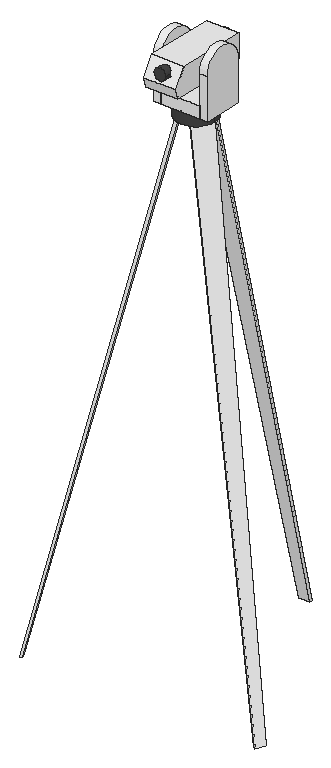
Revit family "LaserPointerFromSurveyingEquipment", category Site, Revit 2017
Family settings
  Round Connector Dimension = Use Diameter
  Part Type = Normal
  Work Plane-Based = No
  Always vertical = Yes
  Cut with Voids When Loaded = No
  Shared = No
Parameters (values of type "LaserPointer")
  Assembly Code = "G9090"
Reference planes (in)
  plane 1 "Center F/B": y = 0
  plane 2: z = 0
  plane 3 "Center L/R": x = 5.09765
  plane 4: y = -18
  plane 5: x = 23.09765
  plane 6: z = 66
  plane 7: x = -12.90235
  plane 8: y = 18
  plane 9: z = 64.5
Forms (in)
  Extrusion 1, solid, material "Finishes - Paint - Black"
    sketch origin (0, 0, 0) x (1, 0, 0) y (0, 1, 0)
      loop
        circle (5.09765, 0) r 2.5
      loop
        circle (5.09765, 0) r 1
    from 64.5 to 66
  Blend 2, solid, material "Metal - Steel"
    base sketch origin (0, 0, 0) x (1, 0, 0) y (0, 1, 0)
      loop
        line (-10.76201, -8.49874) -> (-10.18865, -9.55846) -> (-9.95575, -9.43245) -> (-10.52911, -8.37273) -> (-10.76201, -8.49874)
    top sketch origin (0, 0, 0) x (1, 0, 0) y (0, 1, 0)
      loop
        line (3.2252, 0.21963) -> (2.82335, 0.00221) -> (3.91541, -2.01619) -> (4.31727, -1.79876) -> (3.2252, 0.21963)
    from 0 to 64.5
  Blend 3, solid, material "Metal - Steel"
    base sketch origin (7.64648, 4.4147, 0) x (-0.5, -0.866025, 0) y (0.866025, -0.5, 0)
      loop
        line (-10.84734, -8.39349) -> (-10.12059, -9.63142) -> (-9.87924, -9.48973) -> (-10.60599, -8.2518) -> (-10.84734, -8.39349)
    top sketch origin (7.64648, 4.4147, 0) x (-0.5, -0.866025, 0) y (0.866025, -0.5, 0)
      loop
        line (3.16093, 0.25125) -> (2.76691, 0.01994) -> (3.93851, -1.97573) -> (4.33252, -1.74441) -> (3.16093, 0.25125)
    from 0 to 64.5
  Blend 4, solid, material "Metal - Steel"
    base sketch origin (7.64648, -4.4147, 0) x (-0.5, 0.866025, 0) y (-0.866025, -0.5, 0)
      loop
        line (-10.78351, -8.45901) -> (-10.18203, -9.57069) -> (-9.93905, -9.43923) -> (-10.54053, -8.32755) -> (-10.78351, -8.45901)
    top sketch origin (7.64648, -4.4147, 0) x (-0.5, 0.866025, 0) y (-0.866025, -0.5, 0)
      loop
        line (3.14789, 0.36252) -> (2.74604, 0.1451) -> (3.9653, -2.10838) -> (4.36715, -1.89096) -> (3.14789, 0.36252)
    from 0 to 64.5
  Extrusion 5, solid, material "Metal - Steel"
    sketch origin (0, 0, 0) x (1, 0, 0) y (0, 1, 0)
      loop
        line (2.59765, 2.5) -> (2.59765, -2.5) -> (7.59765, -2.5) -> (7.59765, 2.5) -> (2.59765, 2.5)
    from 66 to 67.53326
  Extrusion 6, solid, material "Metal - Steel"
    sketch origin (2.59765, 2.5, 67.53326) x (0, 0, -1) y (0, -1, 0)
      loop
        line (1.53326, 5) -> (-3.71674, 5)
        arc (-3.71674, 5) -> (-6.21674, 2.5) -> (-3.71674, 0) r 2.5
        line (-3.71674, 0) -> (1.53326, 0) -> (1.53326, 5)
    from 0 to 1.00091
  Extrusion 7, solid, material "Metal - Steel"
    sketch origin (7.59765, 2.5, 67.53326) x (0, 0, -1) y (0, 1, 0)
      loop
        line (1.53326, -5) -> (1.53326, 0) -> (-3.71674, 0)
        arc (-3.71674, 0) -> (-6.21674, -2.5) -> (-3.71674, -5) r 2.5
        line (-3.71674, -5) -> (1.53326, -5)
    from 0 to 1.00091
  Extrusion 8, solid, material "Metal - Steel"
    sketch origin (1.59674, 2.5, 67.53326) x (0, 0, -1) y (0, -1, 0)
      loop
        line (-5.29676, -1.90031) -> (-2.31486, -1.90031) -> (-1.92429, -1.22384) -> (-1.92429, 8.02616) -> (-3.1317, 8.34969) -> (-5.29676, 7.09969) -> (-5.29676, -1.90031)
    from -5.5705 to -1.41405
  Extrusion 9, solid, material "Finishes - Paint - Black"
    sketch origin (0, 0, 0) x (1, 0, 0) y (0, 0, 1)
      loop
        circle (5.09765, 71.7273) r 0.77448
    from -4.95448 to 5.80469
Lines and regions (in)
  model lines, style "InvisibleLines"
    curve 1: arc (23.09765, 0, 0) -> (5.09765, 18, 0) -> (-12.90235, 0, 0) r 18
    curve 2: arc (-12.90235, 0, 0) -> (5.09765, -18, 0) -> (23.09765, 0, 0) r 18
Dimensions and locks (in)
  plane 6 to plane 2 = 5' - 6"
  plane 6 to plane 9 = 0' - 1 1/2"
  aligned and locked: Extrusion 1 to plane 6
  aligned and locked: plane 9 to Extrusion 1
  aligned and locked: Blend 2 to plane 9
  aligned and locked: Blend 4 to plane 9
  aligned and locked: Blend 3 to plane 9
  aligned and locked: plane 6 to Extrusion 5
